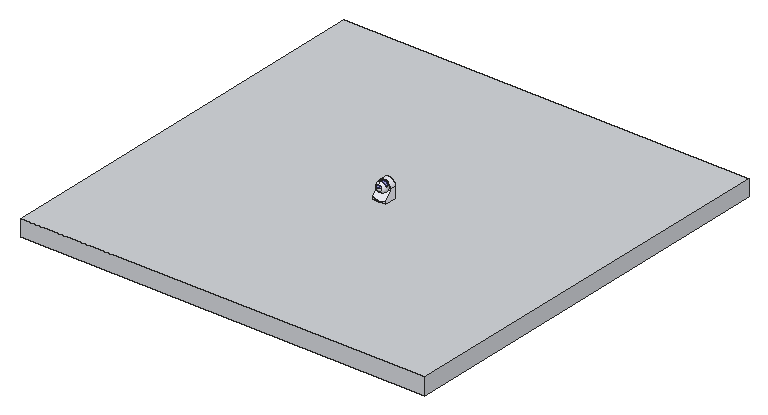
Revit family "LC 200 types Avec hôte", category Dispositifs d'éclairage, Revit 2019
Family settings
  Hôte = Face
  Conserver l'orientation des annotations = Oui
  Cote de connecteur circulaire = Utiliser le diamètre
  Type d'élément = Normal
  Couper avec des vides une fois chargée = Non
  Partagée = Non
  Point de calcul de pièce = Non
Parameters (values of type "01- LC 200 Générique")
  Zone de detection [instance] = no
  URL = "http://www.luxomat.com"
  Type de Sortie = ""
  Température ambiante = "-25°C à +50°C"
  Référence = ""
  Relais = ""
  Position en hauteur = Elévation par défaut  # 250 cm
  Portée frontale [instance] = 400 cm  # constant formula
  Portée de biais [instance] = 1200 cm  # constant formula
  Modèle = "LC 200"
  Mode de pose = "Mural"
  Marque = "LUXOMAT"
  Image du type = MURAL.jpg
  IP = "54"
  Hauteur de montage max préconisée [instance] = Hauteur de montage max  # 400 cm
  Hauteur de montage max = 400 cm
  Fabricant = "B.E.G."
  Etiquette [instance] = yes
  Elévation par défaut = 250 cm
  Consommation = ""
  Commentaires du type = "DET.MOUV.200°/12M MURAL"
  Code d'assemblage = "D5010200"
  Classe = "II"
  Charge LED = ""
  Charge Cos ɸ =1 = ""
  Charge Cos ɸ =0.5 = ""
  Alimentation = "110-240 V AC"
Types (4, lengths in cm): name | Type de Sortie | Référence | Relais | Modèle | IP | Consommation | Commentaires du type | Charge LED | Charge Cos ɸ =1 | Charge Cos ɸ =0.5
  (no name) | "" | "" | "" | "LC 200" | "54" | "" | "DET.MOUV.200°/12M MURAL" | "" | "" | ""
  01- LC 200 Générique | "" | "" | "" | "LC 200" | "54" | "" | "DET.MOUV.200°/12M MURAL" | "" | "" | ""
  02- LC-N 200 réf 91002 | "TOR" | "91002" | "4,3 A" | "LC-N 200" | "54" | "0,4 W" | "DET.MOUV.1 CONTACT.200°/12M MURAL" | "200 W" | "1000 W" | "500 VA"
  03- LC 200 réf 91102 | "TOR" | "91102" | "4,3 A" | "LC 200" | "44" | "0,4 W" | "DET.MOUV.1 CONTACT.200°/12M MURAL SANS DETECTION VERTICALE" | "0" | "1000 W" | "500 VA"
Reference planes (cm)
  plane 1 "Centre (avant/arrière)": y = 0
  plane 2: z = 0
  plane 3 "Centre (gauche/droite)": x = 0
Forms (cm)
  Extrusion 1, solid
    sketch origin (0, 0, 0) x (1, 0, 0) y (0, 1, 0)
      loop
        line (-121.92, 121.92) -> (-121.92, -121.92) -> (121.92, -121.92) -> (121.92, 121.92) -> (-121.92, 121.92)
    from 0 to -10
Dimensions and locks (cm)
  aligned and locked: plane 2 to Extrusion 1
  aligned and locked: level to Extrusion 1
  aligned and locked: Extrusion 1 to nested 3
  aligned and locked: plane 3 "Centre (gauche/droite)" to nested 2
Nested families (cm)
  nested 1: "Famille1" at (0, -52.6659, 0) x (-1, 0, 0) z (0, 0, 1), modele <- "Modèle", visible <- "Etiquette", référence <- "Référence", type "Famille1"
    with référence "", modele "LC 200"
  nested 2: "Symbole Mural 2D" at (0, 0, 0), type "Symbole Mural 2D"
  nested 3: "M2" at (0, -4.4331, 7.2), type "Standard"
  nested 4: "zone C" at (0, 0, 0) x (1, 0, 0) z (0, -1, 0), visible <- "Zone de detection", type "zone C"
Connectors (cm)
  electrical at (0, 0, 0)
    settings: index 1, voltage 230 V, apparent load 0 VA, apparent load phase1 0 VA, apparent load phase2 0 VA, apparent load phase3 0 VA, power factor 1, load classification "Eclairage", number of poles 1, system type 31, power factor state 1, is connector primary yes, connector utility no, sub classification motor no, connector description ""
Definition of nested family "M2"
  Parameters (values of type "Standard")
    d273 = 0.00°
    d272 = 0.00°
    d258 = 10.3 cm
    d158 = 7.2 cm
    Revolution_StartAngle_2 = -90.0709°
    Revolution_StartAngle_1 = -90.0613°
    Revolution_EndAngle_2 = 0.00°
    Revolution_EndAngle_1 = 0.00°
  Reference planes (cm)
    plane 1 "Centre (avant/arrière)": y = 0
    plane 2: z = 0
    plane 3 "Centre (gauche/droite)": x = 0
    plane 4: x = 0
    plane 5: x = 4.65
    plane 6: x = -4.65
    plane 7: x = 4.2
    plane 8: x = -4.2
    plane 9: z = 0
    plane 10: z = -7.2
    plane 11: z = 3.1
    plane 12: x = 5.85
    plane 13: x = -5.85
  Forms (cm)
    Revolve 1, solid
      sketch origin (0, 0, 0) x (0, -1, 0) y (0, 0, -1)
        loop
          arc (-0.65, 1.6397) -> (-2.376, 2.8952) -> (-4.5, 2.6852) r 3
          line (-4.5, 2.6852) -> (-4.5, -0.1) -> (-0.65, -0.1) -> (-0.65, 1.6397)
        axis (-4.5, -0.1) -> (-0.65, -0.1)
      angle from 0 to 360
    Revolve 2, solid
      sketch origin (0, 0, 0) x (0, -1, 0) y (0, 0, -1)
        loop
          line (-0.65, 1.6197) -> (-0.65, -0.1) -> (0, -0.1)
          arc (0, -0.1) -> (-0.1679, 0.8192) -> (-0.65, 1.6197) r 2.6
        axis (0, -0.1) -> (-0.65, -0.1)
      angle from -90.061 <- "Revolution_StartAngle_1" to 90
    Revolve 3, solid
      sketch origin (0, 0, 0) x (0, -1, 0) y (0, 0, -1)
        loop
          line (-0.65, -0.1) -> (-0.65, -1.75)
          arc (-0.65, -1.75) -> (-0.1684, -0.9867) -> (0, -0.1) r 2.4192
          line (0, -0.1) -> (-0.65, -0.1)
        axis (-0.65, -0.1) -> (0, -0.1)
      angle from -90.071 <- "Revolution_StartAngle_2" to 90
    Extrusion 4, void
      sketch origin (0, 0, 0) x (0, -1, 0) y (0, 0, -1)
        loop
          line (-4.25, -0.5) -> (-4.25, -3.5) -> (-1.95, -3.5) -> (-1.95, -0.5) -> (-4.25, -0.5)
      from 4.65 to -4.65
    Revolve 5, solid
      sketch origin (0, 0, 0) x (0, -1, 0) y (0, 0, -1)
        loop
          line (-4.25, -2.8) -> (-1.95, -2.8) -> (-1.95, -0.5) -> (-4.25, -0.5) -> (-4.25, -2.8)
        axis (-1.95, 0) -> (-4.25, 0)
      angle from 0 to 360
    Extrusion 6, void
      sketch origin (0, 0, 0) x (0, -1, 0) y (0, 0, -1)
        loop
          line (-4.25, -0.5) -> (-1.95, -0.5) -> (-1.95, 3.2411) -> (-4.25, 3.2411) -> (-4.25, -0.5)
      from 4.2 to -4.2
    Extrusion 7, solid
      sketch origin (0, 0, -7.2) x (-1, 0, 0) y (0, -1, 0)
        loop
          line (3.9, -7.6) -> (3.9, -0.6)
          arc (3.9, -0.6) -> (0, -0.2) -> (-3.9, -0.6) r 19.2125
          line (-3.9, -0.6) -> (-3.9, -7.6)
          arc (-3.9, -7.6) -> (0, -8) -> (3.9, -7.6) r 19.2125
      from 0 to 10.3
    Extrusion 8, void
      sketch origin (0, 0, 0) x (0, -1, 0) y (0, 0, -1)
        loop
          line (0.0389, 6.5653) -> (-4.4331, 1.4654) -> (-4.4331, -3.5256) -> (0.0389, -3.5256) -> (0.0389, 6.5653)
      from 5.85 to -5.85
    Extrusion 9, void
      sketch origin (5.85, 4.4331, -1.4654) x (0, 0, 1) y (-1, 0, 0)
        loop
          line (0.6654, 10.6176) -> (0.6654, 9.75)
          arc (0.6654, 9.75) -> (4.5654, 5.85) -> (0.6654, 1.95) r 3.9
          line (0.6654, 1.95) -> (0.6654, 0.7522) -> (4.9856, 0.7522) -> (4.9856, 10.6176) -> (0.6654, 10.6176)
      from 6.1831 to -5.5169
  Cuts and joins
    Extrusion 4 cuts Revolve 1
    Extrusion 4 cuts Revolve 2
    Extrusion 8, Extrusion 9 cuts Extrusion 7
    joined: Revolve 1, Revolve 2, Extrusion 7
    Extrusion 6 cuts Revolve 5
  Lines and regions (cm)
    reference lines
      curve 1: arc (0, 0.65, -1.6397) -> (0, 2.376, -2.8952) -> (0, 4.5, -2.6852) r 3
      curve 2: line (0, 4.5, 0.1) -> (0, 4.5, -2.6852)
      curve 3: line (0, 4.5, 0.1) -> (0, 0.65, 0.1)
      curve 4: line (0, 0.65, 0.1) -> (0, 0.65, -1.6397)
      curve 5: line (0, 6.7518, 0.1) -> (0, 0, 0.1)
      curve 6: line (0, 0.65, 1.8397) -> (0, 0.65, -1.6397)
      curve 7: line (0, 0, 0.1) -> (0, 0.65, 0.1)
      curve 8: arc (0, 0, 0.1) -> (0, 0.1679, -0.8192) -> (0, 0.65, -1.6197) r 2.6
      curve 9: line (0, 0.65, 0.1) -> (0, 0, 0.1)
      curve 10: arc (0, 0.65, 1.75) -> (0, 0.1684, 0.9867) -> (0, 0, 0.1) r 2.4192
      curve 11: line (0, 0.65, 0.1) -> (0, 0.65, 1.75)
      curve 12: line (0, 4.25, 0.5) -> (0, 1.95, 0.5)
      curve 13: line (0, 1.95, 0.5) -> (0, 1.95, 3.5)
      curve 14: line (0, 1.95, 3.5) -> (0, 4.25, 3.5)
      curve 15: line (0, 4.25, 3.5) -> (0, 4.25, 0.5)
      curve 16: line (0, 4.25, 2.8) -> (0, 1.95, 2.8)
      curve 17: line (0, 1.95, 2.8) -> (0, 1.95, 0.5)
      curve 18: line (0, 1.95, 0.5) -> (0, 4.25, 0.5)
      curve 19: line (0, 4.25, 0.5) -> (0, 4.25, 2.8)
      curve 20: line (0, -0.85, 0) -> (0, 5.1, 0)
      curve 21: line (0, 4.25, 0.5) -> (0, 1.95, 0.5)
      curve 22: line (0, 1.95, 0.5) -> (0, 1.95, -3.2411)
      curve 23: line (0, 1.95, -3.2411) -> (0, 4.25, -3.2411)
      curve 24: line (0, 4.25, -3.2411) -> (0, 4.25, 0.5)
      curve 25: line (-3.9, 7.6, -7.2) -> (-3.9, 0.6, -7.2)
      curve 26: arc (-3.9, 0.6, -7.2) -> (0, 0.2, -7.2) -> (3.9, 0.6, -7.2) r 19.2125
      curve 27: line (3.9, 7.6, -7.2) -> (3.9, 0.6, -7.2)
      curve 28: arc (3.9, 7.6, -7.2) -> (0, 8, -7.2) -> (-3.9, 7.6, -7.2) r 19.2125
      curve 29: line (0, -0.0389, -6.5653) -> (0, 4.4331, -1.4654)
      curve 30: line (0, 4.4331, -1.4654) -> (0, 4.4331, 3.5256)
      curve 31: line (0, 4.4331, 3.5256) -> (0, -0.0389, 3.5256)
      curve 32: line (0, -0.0389, 3.5256) -> (0, -0.0389, -6.5653)
      curve 33: line (-3.9, 4.4331, -0.8) -> (-4.7676, 4.4331, -0.8)
      curve 34: arc (3.9, 4.4331, -0.8) -> (0, 4.4331, 3.1) -> (-3.9, 4.4331, -0.8) r 3.9
      curve 35: line (5.0978, 4.4331, -0.8) -> (3.9, 4.4331, -0.8)
      curve 36: line (5.0978, 4.4331, 3.5202) -> (5.0978, 4.4331, -0.8)
      curve 37: line (-4.7676, 4.4331, 3.5202) -> (5.0978, 4.4331, 3.5202)
      curve 38: line (-4.7676, 4.4331, -0.8) -> (-4.7676, 4.4331, 3.5202)
  Dimensions and locks (cm)
    "d158": plane 10 to plane 9
    "d258": plane 10 to plane 11
    aligned and locked: level to plane 2
    aligned and locked: Revolve 1 sketch curve to curve 1
    aligned and locked: Revolve 1 sketch curve to curve 2
    aligned and locked: Revolve 1 sketch curve to curve 3
    aligned and locked: Revolve 1 sketch curve to curve 4
    aligned and locked: Revolve 1 sketch curve to curve 5
    aligned and locked: Revolve 2 sketch curve to curve 6
    aligned and locked: Revolve 2 sketch curve to curve 7  (x2)
    aligned and locked: Revolve 2 sketch curve to curve 8
    aligned and locked: Revolve 3 sketch curve to curve 9  (x2)
    aligned and locked: Revolve 3 sketch curve to curve 10
    aligned and locked: Revolve 3 sketch curve to curve 11
    aligned and locked: Extrusion 4 to plane 6
    aligned and locked: Extrusion 4 to plane 5
    aligned and locked: Extrusion 4 sketch curve to curve 12
    aligned and locked: Extrusion 4 sketch curve to curve 13
    aligned and locked: Extrusion 4 sketch curve to curve 14
    aligned and locked: Extrusion 4 sketch curve to curve 15
    aligned and locked: Revolve 5 sketch curve to curve 16
    aligned and locked: Revolve 5 sketch curve to curve 17
    aligned and locked: Revolve 5 sketch curve to curve 18
    aligned and locked: Revolve 5 sketch curve to curve 19
    aligned and locked: Revolve 5 sketch curve to curve 20
    aligned and locked: Extrusion 6 to plane 8
    aligned and locked: Extrusion 6 to plane 7
    aligned and locked: Extrusion 6 sketch curve to curve 21
    aligned and locked: Extrusion 6 sketch curve to curve 22
    aligned and locked: Extrusion 6 sketch curve to curve 23
    aligned and locked: Extrusion 6 sketch curve to curve 24
    aligned and locked: Extrusion 7 to plane 11
    aligned and locked: Extrusion 7 to plane 10
    aligned and locked: Extrusion 7 sketch curve to curve 25
    aligned and locked: Extrusion 7 sketch curve to curve 26
    aligned and locked: Extrusion 7 sketch curve to curve 27
    aligned and locked: Extrusion 7 sketch curve to curve 28
    aligned and locked: Extrusion 8 to plane 13
    aligned and locked: Extrusion 8 to plane 12
    aligned and locked: Extrusion 8 sketch curve to curve 29
    aligned and locked: Extrusion 8 sketch curve to curve 30
    aligned and locked: Extrusion 8 sketch curve to curve 31
    aligned and locked: Extrusion 8 sketch curve to curve 32
    aligned and locked: Extrusion 9 sketch curve to curve 33
    aligned and locked: Extrusion 9 sketch curve to curve 34
    aligned and locked: Extrusion 9 sketch curve to curve 35
    aligned and locked: Extrusion 9 sketch curve to curve 36
    aligned and locked: Extrusion 9 sketch curve to curve 37
    aligned and locked: Extrusion 9 sketch curve to curve 38
Definition of nested family "Famille1"
  Parameters (values of type "Famille1")
    référence [instance] = ""
    modele [instance] = ""
  Reference planes (cm)
    plane 1: y = 0
    plane 2: x = 0
  Text (cm)
    label "référence\nmodele" at (0.0074, -0.6424, 0), shows "référence", "modele"
Definition of nested family "Symbole Mural 2D"
  Reference planes (cm)
    plane 1: y = 0
    plane 2: x = 0
  Lines and regions (cm)
    Filled region 1, type "rouge"
      outline origin (0, 0, 0) x (1, 0, 0) y (0, 1, 0)
        loop
          circle (0, 0) r 0.0294
    detail lines
      curve 1: arc (-0.0294, 0, 0) -> (0, -0.0294, 0) -> (0.0294, 0, 0) r 0.0294
      curve 2: arc (0.0294, 0, 0) -> (0, 0.0294, 0) -> (-0.0294, 0, 0) r 0.0294
      curve 3: arc (0.102, 0.1767, 0) -> (0, 0.204, 0) -> (-0.102, 0.1767, 0) r 0.204
      curve 4: arc (0.081, 0.1403, 0) -> (0, 0.162, 0) -> (-0.081, 0.1403, 0) r 0.162
      curve 5: arc (0.06, 0.1039, 0) -> (0, 0.12, 0) -> (-0.06, 0.1039, 0) r 0.12
Definition of nested family "zone C"
  Parameters (values of type "zone C")
    frontale [instance] = 600 cm
    biais [instance] = 1000 cm
  Reference planes (cm)
    plane 1 "Centre (avant/arrière)": y = 0
    plane 2: z = 0
    plane 3 "Centre (gauche/droite)": x = 0
    plane 4: y = 400
    plane 5: y = 200
    plane 6: y = 1200
    plane 7: x = -500
    plane 8: x = 500
    plane 9: through (0, 0, 400) normal (-0.342, -0.9397, 0)
    plane 10: through (0, 0, 400) normal (-0.342, 0.9397, 0)
  Lines and regions (cm)
    detail lines, in view "Niveau de réf."
      curve 1: arc (400, 0, 0) -> (0, 400, 0) -> (-400, 0, 0) r 400
      curve 2: line (500, 0, 0) -> (-500, 0, 0)
      curve 3: spline (-500, 0, 0) -> (-482.9629, 310.5829, 0) -> (-433.0127, 600, 0) -> (-353.5534, 848.5281, 0) -> (-250, 1039.2305, 0) -> (-129.4095, 1159.111, 0) -> (0, 1200, 0) -> (129.4095, 1159.111, 0) -> (250, 1039.2305, 0) -> (353.5534, 848.5281, 0) -> (433.0127, 600, 0) -> (482.9629, 310.5829, 0) -> (500, 0, 0)
      curve 4: line (-334.121, 514.44, 0) -> (-251.1759, 514.44, 0)
      curve 5: line (-251.1759, 514.44, 0) -> (-279.5443, 536.6038, 0)
      curve 6: line (-251.1759, 514.44, 0) -> (-279.5443, 492.2761, 0)
      curve 10: line (0, 326.875, 0) -> (0, 243.93, 0)
      curve 11: line (0, 243.93, 0) -> (22.1638, 272.2984, 0)
      curve 12: line (0, 243.93, 0) -> (-22.1638, 272.2984, 0)
    detail lines, in view "Niveau de réf.", not visible
      curve 7: line (627.3725, -64.2741, 0) -> (628.0656, 18.6681, 0)
      curve 8: line (628.0656, 18.6681, 0) -> (605.6655, -9.5141, 0)
      curve 9: line (628.0656, 18.6681, 0) -> (649.9916, -9.8845, 0)
      curve 13: line (1028.0656, -276.777, 0) -> (1028.0656, -193.8319, 0)
      curve 14: line (1028.0656, -193.8319, 0) -> (1005.9018, -222.2003, 0)
      curve 15: line (1028.0656, -193.8319, 0) -> (1050.2294, -222.2003, 0)
